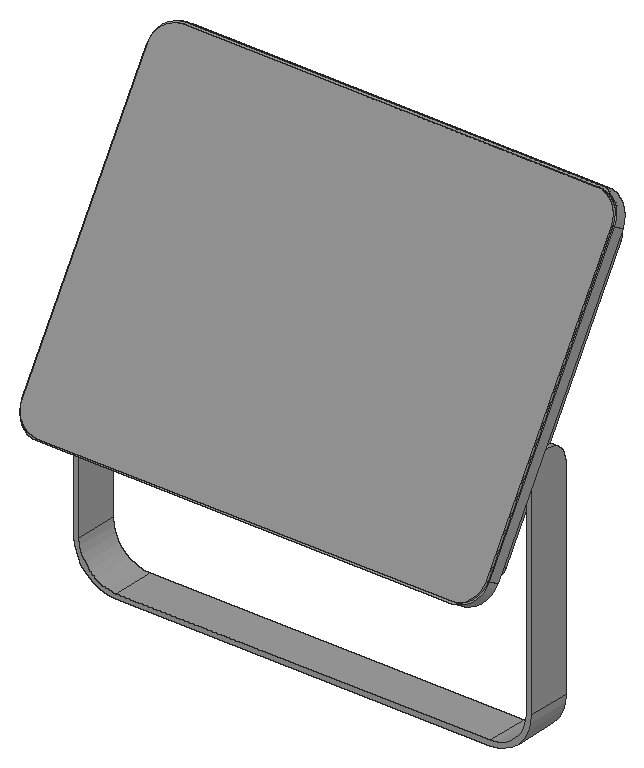
Revit family "0048242", category Lighting Fixtures, host Face, Revit 2016
Family settings
  Host = Face
  Part Type = Normal
  Round Connector Dimension = Use Diameter
  OmniClass Number = 23.80.70.00
  OmniClass Title = Lighting
  Cut with Voids When Loaded = No
  Light Source = No
  Shared = No
  Room Calculation Point = No
Parameters (values of type "0048242 START eco Flood Flat IP65 4500lm 840 White")
  WidthBracketIn_SYL = if([10W_SYL], 102.2 mm, if([30W_SYL], 143.3 mm, if([50W_SYL], 181 mm, 262.8 mm)))  # 181 mm
  Weight = "3.925 kg"
  Wattage Comments = ""
  WarrantyStartDate [instance] = "n/a"
  WarrantyGuarantorParts = "n/a"
  WarrantyDurationUnit = "n/a"
  WarrantyDurationParts = "n/a"
  WarrantyDescription = "n/a"
  Voltage = 0 V
  URL = "http://www.sylvania-lighting.com"
  TypeName = "START eco Flood Flat IP65 4500lm 840 White"
  TypeLight_SYL = START eco Flood Flat Lamp : 0048242 START eco Flood Flat IP65 4500lm 840 White
  Type Image = <None>
  Type Comments = "n/a"
  ThicknessBracket_SYL = if([10W_SYL], 1.5 mm, 2 mm)  # 2 mm
  SerialNumber [instance] = "n/a"
  RotationAngle_SYL [instance] = 32.00°
  RadiusBracket_SYL = if([10W_SYL], 7.7 mm, if([30W_SYL], 8 mm, if([50W_SYL], 17 mm, 14 mm)))  # 17 mm
  RadiusBracketIn_SYL = RadiusBracket_SYL - ThicknessBracket_SYL  # 15 mm
  OffsetAxis_SYL = DepthBracket_SYL / 2  # 8.5 mm
  PowerFactor = 0.9
  PowerConsumption = "50 W"
  NominalLength = 193 mm
  NominalHeight = 48 mm
  NominalDepth = 190 mm
  Name = "START eco Flood Flat IP65 4500lm 840 White"
  ModelReference = Name  # "START eco Flood Flat IP65 4500lm 840 White"
  ModelNumber = "0048242"
  Model = Name  # "START eco Flood Flat IP65 4500lm 840 White"
  Material = "adc12 housing"
  ManufacturerName = "Feilo Sylvania"
  Manufacturer = "Feilo Sylvania"
  LuminousEfficacy = "95 lm/W"
  LuminaireType = ""
  LightOutputRatio = "n/a"
  LampsType = Lamp  # "LED"
  LampNominalLuminous = "4750 lm"
  LampMacAdamStep = "n/a"
  LampColourTemperature = "4000 K"
  LampColourRenderingIndex = "80"
  Lamp = "LED"
  Keynote = "16500"
  InstallationDate [instance] = "n/a"
  InputVoltage = "n/a"
  InputNominalFrequency = "n/a"
  IngressProtection = "IP65"
  ImpactProtectionIndex = "IK07"
  IfcExportType = "IfcLightFixtureType"
  IfcExportAs = "IfcLightFixtureType"
  HeightBracket_SYL = if([10W_SYL], 55 mm, if([30W_SYL], 70 mm, if([50W_SYL], 110 mm, 141 mm)))  # 110 mm
  ExpectedLife = 30000
  EndAngle_SYL [instance] = RotationAngle_SYL + 180.00°  # 212.00°
  ElectricShockClassification = "Class I"
  DurationUnit = "hours"
  DocumentationLiterature = "http://www.sylvania-lighting.com/product/en-int/products/0048242"
  DimmingControlOptions = "n/a"
  Description = "The new Start eco Flood Flat comes with improved design. The streamlined, durable, lightweight die-cast aluminium body makes it a perfect choice for building facades, car parks, garages and construction areas. The product includes 1 m pre-wired stripped cable and fitting bracket for quick and easy installation and the universal mounting bracket allows wall or surface mounting with the possibility of vertical tilting. Black die-cast aluminum housing, white reflector, 4750 lm, 50 W, 95 lm/W, 4000K, drive current 193 mA, non dimmable, CRI>80, IP65, IK07, Class I, lumen maintenance L70:B50: 30000 hrs, 193 x 190 x 48 mm (L x W x H). Weight: 0.785kg. Energy class: A++ A+ A."
  DepthBracket_SYL = if([10W_SYL], 15 mm, if([30W_SYL], 15 mm, if([50W_SYL], 17 mm, 25 mm)))  # 17 mm
  Default Elevation = 1219.2 mm
  CreatedOn = "10/8/2018"
  CreatedBy = "@sylvania-lighting.com"
  Cost = 0
  built-in parameter 1114216 [instance] = (empty or 0)
  ClassificationValue = "EF_70_80"
  ClassificationName = "Uniclass2015"
  Material_1_SYL = Body-Sylvania-FloodFlat-Black
  BarCode [instance] = "n/a"
  AssetType = "Fixed"
  AssetIdentifier [instance] = "n/a"
  Assembly Code = "D5020200"
  Apparent Load = 50 VA
  50W_SYL = yes
  30W_SYL = no
  10W_SYL = no
Reference planes
  plane 1 "Center (Front/Back)": y = 0
  plane 2: z = 0
  plane 3 "Center (Left/Right)": x = 0
  plane 4: x = -92.5
  plane 5: x = 92.5
  plane 6: z = 110
  plane 7: z = 101.5
  plane 8: x = -90.5
  plane 9: x = 90.5
  plane 10: z = 2
  plane 11: y = 8.5
  plane 12: y = -8.5
  plane 13: x = -75.5
  plane 14: z = 17
  plane 15: x = 75.5
  plane 16: y = -10.5
  plane 17: z = 112
  plane 18: y = 10.5
Forms (mm)
  Extrusion 1, solid, material "Body-Sylvania-FloodFlat-Black" <- "Material_1_SYL"
    sketch origin (0, 0, 0) x (1, 0, 0) y (0, 0, 1)
      loop
        line (-90.5, 110) -> (-92.5, 110) -> (-92.5, 17)
        arc (-92.5, 17) -> (-87.521, 4.979) -> (-75.5, 0) r 17
        line (-75.5, 0) -> (75.5, 0)
        arc (75.5, 0) -> (87.521, 4.979) -> (92.5, 17) r 17
        line (92.5, 17) -> (92.5, 110) -> (90.5, 110) -> (90.5, 17)
        arc (90.5, 17) -> (86.107, 6.393) -> (75.5, 2) r 15
        line (75.5, 2) -> (-75.5, 2)
        arc (-75.5, 2) -> (-86.107, 6.393) -> (-90.5, 17) r 15
        line (-90.5, 17) -> (-90.5, 110)
    from -8.5 to 8.5
  Extrusion 2, void
    sketch origin (0, 0, 0) x (0, 1, 0) y (0, 0, 1)
      loop
        line (8.5, 101.5) -> (10.5, 101.5) -> (10.5, 112) -> (-10.5, 112) -> (-10.5, 101.5) -> (-8.5, 101.5)
        arc (-8.5, 101.5) -> (0, 110) -> (8.5, 101.5) r 8.5
    from -92.5 to 92.5
  Revolve 3, solid, not visible
    sketch origin (0, 0, 0) x (1, 0, 0) y (0, 0, 1)
      loop
        line (0, 101.5) -> (0, 110) -> (-12.336, 110) -> (-12.336, 101.5) -> (0, 101.5)
      axis (0, 101.5) -> (-12.336, 101.5)
    angle from 32 <- "RotationAngle_SYL" to 212 <- "EndAngle_SYL"
Cuts and joins
  Extrusion 2 cuts Extrusion 1
Dimensions and locks
  equal spacing: plane 9, plane 3 "Center (Left/Right)", plane 8
  "WidthBracketIn_SYL": plane 9 to plane 8
  "ThicknessBracket_SYL": plane 8 to plane 4
  "ThicknessBracket_SYL": plane 5 to plane 9
  "ThicknessBracket_SYL": plane 10 to plane 2
  equal spacing: plane 12, plane 1 "Center (Front/Back)", plane 11
  "DepthBracket_SYL": plane 12 to plane 11
  "OffsetAxis_SYL": plane 7 to plane 6
  "HeightBracket_SYL": plane 6 to plane 2
  "RadiusBracket_SYL": plane 14 to plane 2
  equal spacing: plane 15, plane 3 "Center (Left/Right)", plane 13
  "RadiusBracket_SYL": plane 13 to plane 4
  equal spacing: plane 16, plane 1 "Center (Front/Back)", plane 18
  locked: plane 16 to plane 12 at 2
  locked: plane 6 to plane 17 at 2
  "RadiusBracket_SYL": radius of Extrusion 1 sketch curve  (x2)
  "RadiusBracketIn_SYL": radius of Extrusion 1 sketch curve  (x2)
  aligned and locked: plane 2 to host face
  aligned and locked: level to host face
  aligned and locked: Extrusion 1 sketch curve to plane 6  (x2)
  aligned and locked: Extrusion 1 sketch curve to plane 4
  aligned and locked: plane 5 to Extrusion 1 sketch curve
  aligned and locked: Extrusion 1 sketch curve to plane 9
  aligned and locked: Extrusion 1 sketch curve to plane 2
  aligned and locked: plane 13 to Extrusion 1 sketch curve
  aligned and locked: plane 14 to Extrusion 1 sketch curve  (x2)
  aligned and locked: plane 15 to Extrusion 1 sketch curve
  aligned and locked: Extrusion 1 to plane 11
  aligned and locked: plane 12 to Extrusion 1
  aligned and locked: plane 11 to Extrusion 2 sketch curve
  aligned and locked: plane 1 "Center (Front/Back)" to Extrusion 2 sketch curve
  aligned and locked: plane 7 to Extrusion 2 sketch curve
  aligned and locked: plane 17 to Extrusion 2 sketch curve
  aligned and locked: plane 18 to Extrusion 2 sketch curve
  aligned and locked: Extrusion 2 sketch curve to plane 16
  aligned and locked: Extrusion 2 sketch curve to plane 7  (x2)
  aligned and locked: plane 5 to Extrusion 2
  aligned and locked: Extrusion 2 to plane 4
  aligned and locked: Revolve 3 sketch curve to plane 7  (x2)
  aligned and locked: Revolve 3 sketch curve to plane 3 "Center (Left/Right)"
  aligned and locked: plane 6 to Revolve 3 sketch curve
  aligned and locked: plane 3 "Center (Left/Right)" to nested 1
Automatic sketch dimensions
  host sketch curve to host sketch curve = 2438.4 mm  (x2)
  Revolve 3 sketch curve to plane 3 "Center (Left/Right)" = 12.336 mm
  Revolve 3 sketch curve to plane 4 = 1122.5 mm
  plane 5 to Revolve 3 sketch curve = 1130.9 mm
Nested families
  nested 1: "START eco Flood Flat Lamp" at (0, 11.155, 119.351) x (1, 0, 0) z (0, -0.848, 0.5299), type <- "TypeLight_SYL", type "0048242 START eco Flood Flat IP65 4500lm 840 White"
    with built-in parameter 1114216 (empty or 0), Width_SYL 189 mm, WidthLEDBoard_SYL 80 mm, WidthVignette_SYL 157 mm, WidthBoltHousing_SYL 16 mm, ThicknessScreen_SYL 5.4 mm, RotationAxisFromTop_SYL 91.3 mm, RadiusLEDBoard_SYL 1.9 mm, RadiusDiffuser_SYL 9.9 mm, RadiusCorners_SYL 10.7 mm, RadiusBoltHousing_SYL 5 mm, RadiusBack_SYL 8.033 mm, RadiusBackB_SYL 6.033 mm, OffsetYBack_SYL 7.625 mm, OffsetYBackB_SYL 1.906 mm, OffsetXBack_SYL 8 mm, OffsetXBackB_SYL 2 mm, OffsetBoltHousing_SYL 4 mm, InsertionPlaneFromTop_SYL 14.8 mm, Height_SYL 140.5 mm, HeightVignette_SYL 110 mm, HeightLEDBoard_SYL 56 mm, DepthLEDBoard_SYL 2.478 mm, DepthBack_SYL 16.9 mm, RadiusVignette_SYL 4.1 mm, DepthReflector_SYL 11.15 mm, Apparent Load 50 VA, 50W_SYL yes
Connectors
  electrical at (0, 0, 0), driven by "Apparent Load", driven by "PowerFactor", driven by "Voltage"
    settings: index 1, voltage 0 V, apparent load 50 VA, apparent load phase1 0 VA, apparent load phase2 0 VA, apparent load phase3 0 VA, power factor 0.9, load classification "Lighting", number of poles 1, system type 30, power factor state 1, is connector primary yes, connector utility no, sub classification motor no, connector description ""
Definition of nested family "START eco Flood Flat Lamp"
  Parameters (values of type "0047977 ST E FLD FLT IP65 9000LM 840")
    Width_SYL = if([10W_SYL], 110 mm, if([30W_SYL], 151 mm, if([50W_SYL], 189 mm, 275 mm)))  # 275 mm
    WidthLEDBoard_SYL = if([10W_SYL], 40 mm, if([30W_SYL], 83 mm, if([50W_SYL], 80 mm, 180 mm)))  # 180 mm
    WidthVignette_SYL = if([10W_SYL], 78.6 mm, if([30W_SYL], 120 mm, if([50W_SYL], 157 mm, 226 mm)))  # 226 mm
    WidthBoltHousing_SYL = 4 * OffsetBoltHousing_SYL  # 24.5 mm
    Wattage Comments = "n/a"
    Wattage = 100 W
    built-in parameter 1150110 = 1 (stored number, unit not read)
    URL = "http://www.sylvania-lighting.com"
    Type Image = (empty or 0)
    Type Comments = "n/a"
    built-in parameter 1114217 = 1 (stored number, unit not read)
    Tilt Angle = -90.00°
    ThicknessScreen_SYL = if([10W_SYL], 5 mm, if([30W_SYL], 5.2 mm, if([50W_SYL], 5.4 mm, 6.1 mm)))  # 6.1 mm
    ThicknessDiffuser_SYL = 0.8 mm  # constant formula
    built-in parameter 1150109 = 1 (stored number, unit not read)
    built-in parameter 1150134 = 12
    built-in parameter 1150113 = 1 (stored number, unit not read)
    RotationAxisFromTop_SYL = if([10W_SYL], 48.8 mm, if([30W_SYL], 61.7 mm, if([50W_SYL], 91.3 mm, 133.4 mm)))  # 133.4 mm
    RadiusLEDBoard_SYL = if([10W_SYL], 1.5 mm, if([30W_SYL], 2 mm, if([50W_SYL], 1.9 mm, 3.7 mm)))  # 3.7 mm
    RadiusDiffuser_SYL = RadiusCorners_SYL - ThicknessDiffuser_SYL  # 13.4 mm
    RadiusCorners_SYL = if([10W_SYL], 10.5 mm, if([30W_SYL], 10.7 mm, if([50W_SYL], 10.7 mm, 14.2 mm)))  # 14.2 mm
    RadiusBoltHousing_SYL = if([10W_SYL], 4.1 mm, if([30W_SYL], 4.9 mm, if([50W_SYL], 5 mm, 8.1 mm)))  # 8.1 mm
    RadiusBack_SYL = RadiusCorners_SYL - OffsetXBack_SYL / 3  # 10.117 mm
    RadiusBackB_SYL = RadiusBack_SYL - OffsetXBackB_SYL  # 7.054 mm
    Photometric Web File = "0047977.ies"
    PIR_SYL = no
    PIRHolderRadius_SYL = PIRBaseFillet_SYL + 2 mm  # 11 mm
    PIRFillet_SYL = 3 mm  # constant formula
    PIRBaseWidth_SYL = 38 mm
    PIRBaseFillet_SYL = PIRBaseDepth_SYL / 2  # 9 mm
    PIRBaseDepth_SYL = 18 mm
    OffsetYBack_SYL = (Height_SYL - HeightVignette_SYL) / 4  # 11 mm
    OffsetYBackB_SYL = OffsetYBack_SYL / 4  # 2.75 mm
    OffsetXBack_SYL = (Width_SYL - WidthVignette_SYL) / 4  # 12.25 mm
    OffsetXBackB_SYL = OffsetXBack_SYL / 4  # 3.063 mm
    OffsetBoltHousing_SYL = OffsetXBack_SYL / 2  # 6.125 mm
    Material_7_SYL = none
    Material_6_SYL = none
    Material_5_SYL = none
    Material_3_SYL = none
    Model = "START eco Flood Flat IP65 9000lm 840"
    Manufacturer = "Feilo Sylvania"
    built-in parameter 1150105 = 3437 (stored number, unit not read)
    Lumens = 9500 lm
    built-in parameter 1150115 = 1 (stored number, unit not read)
    built-in parameter 1150137 = (empty or 0)
    built-in parameter 1150139 = (empty or 0)
    built-in parameter 1150112 = 1 (stored number, unit not read)
    built-in parameter 1150114 = 1 (stored number, unit not read)
    Lamp = "LED"
    Keynote = "16500"
    Material_2_SYL = none
    InsertionPlaneFromTop_SYL = if([10W_SYL], 15.1 mm, if([30W_SYL], 14.5 mm, if([50W_SYL], 14.8 mm, 19.3 mm)))  # 19.3 mm
    built-in parameter 1150132 = (empty or 0)
    built-in parameter 1150102 = (empty or 0)
    built-in parameter 1150107 = 4000 (stored number, unit not read)
    built-in parameter 1150138 = (empty or 0)
    built-in parameter 1150106 = 34.37 (stored number, unit not read)
    Height_SYL = if([10W_SYL], 81.6 mm, if([30W_SYL], 112 mm, if([50W_SYL], 140.5 mm, 211 mm)))  # 211 mm
    HeightVignette_SYL = if([10W_SYL], 50 mm, if([30W_SYL], 81 mm, if([50W_SYL], 110 mm, 167 mm)))  # 167 mm
    HeightLEDBoard_SYL = if([10W_SYL], 25 mm, if([30W_SYL], 39 mm, if([50W_SYL], 56 mm, 132 mm)))  # 132 mm
    Emit from Rectangle Width = HeightVignette_SYL - 2 * RadiusVignette_SYL  # 146.2 mm
    Emit from Rectangle Length = WidthVignette_SYL - 2 * RadiusVignette_SYL  # 205.2 mm
    Emit Shape Visible in Rendering = no
    built-in parameter 1150104 = 8.8258 (stored number, unit not read)
    Dimming Lamp Color Temperature Shift = (empty or 0)
    DepthLEDBoard_SYL = (ThicknessScreen_SYL + DepthBack_SYL) / 9  # 2.289 mm
    DepthBack_SYL = if([10W_SYL], 10.2 mm, if([30W_SYL], 14.7 mm, if([50W_SYL], 16.9 mm, 14.5 mm)))  # 14.5 mm
    RadiusVignette_SYL = if([10W_SYL], 4.1 mm, if([30W_SYL], 4.1 mm, if([50W_SYL], 4.1 mm, 10.4 mm)))  # 10.4 mm
    Description = "The new Start eco Flood Flat comes with improved design. The streamlined, durable, lightweight die-cast aluminium body makes it a perfect choice for building facades, car parks, garages and construction areas. The product includes 1 m pre-wired stripped cable and fitting bracket for quick and easy installation and the universal mounting bracket allows wall or surface mounting with the possibility of vertical tilting. Black die-cast aluminum housing, white reflector, 9500 lm, 100 W, 95 lm/W, 4000K, drive current 386 mA, non dimmable, CRI>80, IP65, IK07, Class I, lumen maintenance L70:B50: 30000 hrs, 283 x 263 x 44 mm (L x W x H). Weight: 1.775kg. Energy class: A++ A+ A."
    DepthReflector_SYL = (ThicknessScreen_SYL + DepthBack_SYL) / 2  # 10.3 mm
    Default Elevation = 1219.2 mm
    Cost = 0
    Color Filter = 16777215
    built-in parameter 1114216 [instance] = (empty or 0)
    Material_1_SYL = none
    built-in parameter 1114218 = 1 (stored number, unit not read)
    built-in parameter 1150133 = 10 (stored number, unit not read)
    Assembly Code = "D5020200"
    Apparent Load = 100 VA
    Material_4_SYL = none
    50W_SYL = no
    30W_SYL = no
    10W_SYL = no
  Types (16, lengths in mm): name | Width_SYL | WidthLEDBoard_SYL | WidthVignette_SYL | WidthBoltHousing_SYL | Wattage | ThicknessScreen_SYL | built-in parameter 1150134 | RotationAxisFromTop_SYL | RadiusLEDBoard_SYL | RadiusDiffuser_SYL | RadiusCorners_SYL | RadiusBoltHousing_SYL | RadiusBack_SYL | RadiusBackB_SYL | Photometric Web File | PIR_SYL | OffsetYBack_SYL | OffsetYBackB_SYL | OffsetXBack_SYL | OffsetXBackB_SYL | OffsetBoltHousing_SYL | Model | built-in parameter 1150105 | Lumens | InsertionPlaneFromTop_SYL | built-in parameter 1150107 | built-in parameter 1150106 | Height_SYL | HeightVignette_SYL | HeightLEDBoard_SYL | Emit from Rectangle Width | Emit from Rectangle Length | built-in parameter 1150104 | DepthLEDBoard_SYL | DepthBack_SYL | RadiusVignette_SYL | Description | DepthReflector_SYL | Apparent Load | 50W_SYL | 30W_SYL | 10W_SYL
    0047977 ST E FLD FLT IP65 9000LM 840 | 275 | 180 | 226 | 24.5 | 100 W | 6.1 | 12 | 133.4 | 3.7 | 13.4 | 14.2 | 8.1 | 10.117 | 7.054 | "0047977.ies" | no | 11 | 2.75 | 12.25 | 3.063 | 6.125 | "START eco Flood Flat IP65 9000lm 840" | 3437 (stored number, unit not read) | 9500 lm | 19.3 | 4000 (stored number, unit not read) | 34.37 (stored number, unit not read) | 211 | 167 | 132 | 146.2 | 205.2 | 8.8258 (stored number, unit not read) | 2.289 | 14.5 | 10.4 | "The new Start eco Flood Flat comes with improved design. The streamlined, durable, lightweight die-cast aluminium body makes it a perfect choice for building facades, car parks, garages and construction areas. The product includes 1 m pre-wired stripped cable and fitting bracket for quick and easy installation and the universal mounting bracket allows wall or surface mounting with the possibility of vertical tilting. Black die-cast aluminum housing, white reflector, 9500 lm, 100 W, 95 lm/W, 4000K, drive current 386 mA, non dimmable, CRI>80, IP65, IK07, Class I, lumen maintenance L70:B50: 30000 hrs, 283 x 263 x 44 mm (L x W x H). Weight: 1.775kg. Energy class: A++ A+ A." | 10.3 | 100 VA | no | no | no
    0047976 ST E FLD FLT IP65 9000LM 830 | 275 | 180 | 226 | 24.5 | 100 W | 6.1 | (empty or 0) | 133.4 | 3.7 | 13.4 | 14.2 | 8.1 | 10.117 | 7.054 | "0047976.ies" | no | 11 | 2.75 | 12.25 | 3.063 | 6.125 | "START eco Flood Flat IP65 9000lm 830" | 3256.1 (stored number, unit not read) | 9000 lm | 19.3 | 3000 (stored number, unit not read) | 32.561 (stored number, unit not read) | 211 | 167 | 132 | 146.2 | 205.2 | 8.3613 (stored number, unit not read) | 2.289 | 14.5 | 10.4 | "The new Start eco Flood Flat comes with improved design. The streamlined, durable, lightweight die-cast aluminium body makes it a perfect choice for building facades, car parks, garages and construction areas. The product includes 1 m pre-wired stripped cable and fitting bracket for quick and easy installation and the universal mounting bracket allows wall or surface mounting with the possibility of vertical tilting. Black die-cast aluminum housing, white reflector, 9000 lm, 100 W, 90 lm/W, 3000K, drive current 386 mA, non dimmable, CRI>80, IP65, IK07, Class I, lumen maintenance L70:B50: 30000 hrs, 283 x 263 x 44 mm (L x W x H). Weight: 1.775kg. Energy class: A++ A+ A." | 10.3 | 100 VA | no | no | no
    0047973 ST E FLD FLT IP65 6500LM 840 | 275 | 180 | 226 | 24.5 | 70 W | 6.1 | 12 | 133.4 | 3.7 | 13.4 | 14.2 | 8.1 | 10.117 | 7.054 | "0047973.ies" | no | 11 | 2.75 | 12.25 | 3.063 | 6.125 | "START eco Flood Flat IP65 6500lm 840" | 2460.1 (stored number, unit not read) | 6650 lm | 19.3 | 4000 (stored number, unit not read) | 24.601 (stored number, unit not read) | 211 | 167 | 132 | 146.2 | 205.2 | 8.8258 (stored number, unit not read) | 2.289 | 14.5 | 10.4 | "The new Start eco Flood Flat comes with improved design. The streamlined, durable, lightweight die-cast aluminium body makes it a perfect choice for building facades, car parks, garages and construction areas. The product includes 1 m pre-wired stripped cable and fitting bracket for quick and easy installation and the universal mounting bracket allows wall or surface mounting with the possibility of vertical tilting. Black die-cast aluminum housing, white reflector, 6650 lm, 70 W, 95 lm/W, 4000K, drive current 270 mA, non dimmable, CRI>80, IP65, IK07, Class I, lumen maintenance L70:B50: 30000 hrs, 283 x 263 x 44 mm (L x W x H). Weight: 1.775kg. Energy class: A++ A+ A." | 10.3 | 70 VA | no | no | no
    0047972 ST E FLD FLT IP65 6500LM 830 | 275 | 180 | 226 | 24.5 | 70 W | 6.1 | (empty or 0) | 133.4 | 3.7 | 13.4 | 14.2 | 8.1 | 10.117 | 7.054 | "0047972.ies" | no | 11 | 2.75 | 12.25 | 3.063 | 6.125 | "START eco Flood Flat IP65 6500lm 830" | 2330.6 (stored number, unit not read) | 6300 lm | 19.3 | 3000 (stored number, unit not read) | 23.306 (stored number, unit not read) | 211 | 167 | 132 | 146.2 | 205.2 | 8.3613 (stored number, unit not read) | 2.289 | 14.5 | 10.4 | "The new Start eco Flood Flat comes with improved design. The streamlined, durable, lightweight die-cast aluminium body makes it a perfect choice for building facades, car parks, garages and construction areas. The product includes 1 m pre-wired stripped cable and fitting bracket for quick and easy installation and the universal mounting bracket allows wall or surface mounting with the possibility of vertical tilting. Black die-cast aluminum housing, white reflector, 6300 lm, 70 W, 90 lm/W, 3000K, drive current 270 mA, non dimmable, CRI>80, IP65, IK07, Class I, lumen maintenance L70:B50: 30000 hrs, 283 x 263 x 44 mm (L x W x H). Weight: 1.775kg. Energy class: A++ A+ A." | 10.3 | 70 VA | no | no | no
    0047971 ST E FLD FLT IP54 PIR 4500LM 840 | 189 | 80 | 157 | 16 | 51 W | 5.4 | 12 | 91.3 | 1.9 | 9.9 | 10.7 | 5 | 8.033 | 6.033 | "0047971.ies" | yes | 7.625 | 1.906 | 8 | 2 | 4 | "START eco Flood Flat IP54 PIR 4500lm 840" | 1695.8 (stored number, unit not read) | 4743 lm | 14.8 | 4000 (stored number, unit not read) | 16.958 (stored number, unit not read) | 140.5 | 110 | 56 | 101.8 | 148.8 | 8.64 (stored number, unit not read) | 2.478 | 16.9 | 4.1 | "The new Start eco Flood Flat comes with improved design. The streamlined, durable, lightweight die-cast aluminium body makes it a perfect choice for building facades, car parks, garages and construction areas. The product includes 1 m pre-wired stripped cable and fitting bracket for quick and easy installation and the universal mounting bracket allows wall or surface mounting with the possibility of vertical tilting. Black die-cast aluminum housing, white reflector, 4750 lm, 51 W, 93 lm/W, 4000K, drive current 193 mA, non dimmable, CRI>80, IP54, IK07 - fixture, IK05 - sensor, Class I, lumen maintenance L70:B50: 30000 hrs, 193 x 216 x 70 mm (L x W x H). Weight: 0.85kg.  PIR sensor included. Energy class: A++ A+ A." | 11.15 | 51 VA | yes | no | no
    0047970 ST E FLD FLT IP54 PIR 4500LM 830 | 189 | 80 | 157 | 16 | 51 W | 5.4 | (empty or 0) | 91.3 | 1.9 | 9.9 | 10.7 | 5 | 8.033 | 6.033 | "0047970.ies" | yes | 7.625 | 1.906 | 8 | 2 | 4 | "START eco Flood Flat IP54 PIR 4500lm 830" | 1604.6 (stored number, unit not read) | 4488 lm | 14.8 | 3000 (stored number, unit not read) | 16.046 (stored number, unit not read) | 140.5 | 110 | 56 | 101.8 | 148.8 | 8.1755 (stored number, unit not read) | 2.478 | 16.9 | 4.1 | "The new Start eco Flood Flat comes with improved design. The streamlined, durable, lightweight die-cast aluminium body makes it a perfect choice for building facades, car parks, garages and construction areas. The product includes 1 m pre-wired stripped cable and fitting bracket for quick and easy installation and the universal mounting bracket allows wall or surface mounting with the possibility of vertical tilting. Black die-cast aluminum housing, white reflector, 4500 lm, 51 W, 88 lm/W, 3000K, drive current 193 mA, non dimmable, CRI>80, IP54, IK07 - fixture, IK05 - sensor, Class I, lumen maintenance L70:B50: 30000 hrs, 193 x 216 x 70 mm (L x W x H). Weight: 0.85kg.  PIR sensor included. Energy class: A++ A+ A." | 11.15 | 51 VA | yes | no | no
    0047969 ST E FLD FLT IP65 4500LM 840 | 189 | 80 | 157 | 16 | 50 W | 5.4 | 12 | 91.3 | 1.9 | 9.9 | 10.7 | 5 | 8.033 | 6.033 | "0047969.ies" | no | 7.625 | 1.906 | 8 | 2 | 4 | "START eco Flood Flat IP65 4500lm 840" | 1698.3 (stored number, unit not read) | 4750 lm | 14.8 | 4000 (stored number, unit not read) | 16.983 (stored number, unit not read) | 140.5 | 110 | 56 | 101.8 | 148.8 | 8.8258 (stored number, unit not read) | 2.478 | 16.9 | 4.1 | "The new Start eco Flood Flat comes with improved design. The streamlined, durable, lightweight die-cast aluminium body makes it a perfect choice for building facades, car parks, garages and construction areas. The product includes 1 m pre-wired stripped cable and fitting bracket for quick and easy installation and the universal mounting bracket allows wall or surface mounting with the possibility of vertical tilting. Black die-cast aluminum housing, white reflector, 4750 lm, 50 W, 95 lm/W, 4000K, drive current 193 mA, non dimmable, CRI>80, IP65, IK07, Class I, lumen maintenance L70:B50: 30000 hrs, 193 x 190 x 48 mm (L x W x H). Weight: 0.785kg. Energy class: A++ A+ A." | 11.15 | 50 VA | yes | no | no
    0047968 ST E FLD FLT IP65 4500LM 830 | 189 | 80 | 157 | 16 | 50 W | 5.4 | (empty or 0) | 91.3 | 1.9 | 9.9 | 10.7 | 5 | 8.033 | 6.033 | "0047968.ies" | no | 7.625 | 1.906 | 8 | 2 | 4 | "START eco Flood Flat IP65 4500lm 830" | 1608.9 (stored number, unit not read) | 4500 lm | 14.8 | 3000 (stored number, unit not read) | 16.089 (stored number, unit not read) | 140.5 | 110 | 56 | 101.8 | 148.8 | 8.3613 (stored number, unit not read) | 2.478 | 16.9 | 4.1 | "The new Start eco Flood Flat comes with improved design. The streamlined, durable, lightweight die-cast aluminium body makes it a perfect choice for building facades, car parks, garages and construction areas. The product includes 1 m pre-wired stripped cable and fitting bracket for quick and easy installation and the universal mounting bracket allows wall or surface mounting with the possibility of vertical tilting. Black die-cast aluminum housing, white reflector, 4500 lm, 50 W, 90 lm/W, 3000K, drive current 193 mA, non dimmable, CRI>80, IP65, IK07, Class I, lumen maintenance L70:B50: 30000 hrs, 193 x 190 x 48 mm (L x W x H). Weight: 0.785kg. Energy class: A++ A+ A." | 11.15 | 50 VA | yes | no | no
    0047967 ST E FLD FLT IP54 PIR 2800LM 840 | 151 | 83 | 120 | 15.5 | 31 W | 5.2 | 12 | 61.7 | 2 | 9.9 | 10.7 | 4.9 | 8.117 | 6.179 | "0047967.ies" | yes | 7.75 | 1.938 | 7.75 | 1.938 | 3.875 | "START eco Flood Flat IP54 PIR 2800lm 840" | 1045.5 (stored number, unit not read) | 2852 lm | 14.5 | 4000 (stored number, unit not read) | 10.455 (stored number, unit not read) | 112 | 81 | 39 | 72.8 | 111.8 | 8.5471 (stored number, unit not read) | 2.211 | 14.7 | 4.1 | "The new Start eco Flood Flat comes with improved design. The streamlined, durable, lightweight die-cast aluminium body makes it a perfect choice for building facades, car parks, garages and construction areas. The product includes 1 m pre-wired stripped cable and fitting bracket for quick and easy installation and the universal mounting bracket allows wall or surface mounting with the possibility of vertical tilting. Black die-cast aluminum housing, white reflector, 2850 lm, 31 W, 92 lm/W, 4000K, drive current 116 mA, non dimmable, CRI>80, IP54, IK06 - fixture, IK05 - sensor, Class I, lumen maintenance L70:B50: 30000 hrs, 156 x 178 x 67 mm (L x W x H). Weight: 0.61kg.  PIR sensor included. Energy class: A++ A+ A." | 9.95 | 31 VA | no | yes | no
    0047966 ST E FLD FLT IP54 PIR 2800LM 830 | 151 | 83 | 120 | 15.5 | 31 W | 5.2 | (empty or 0) | 61.7 | 2 | 9.9 | 10.7 | 4.9 | 8.117 | 6.179 | "0047966.ies" | yes | 7.75 | 1.938 | 7.75 | 1.938 | 3.875 | "START eco Flood Flat IP54 PIR 2800lm 830" | 988.72 (stored number, unit not read) | 2697 lm | 14.5 | 3000 (stored number, unit not read) | 9.8872 (stored number, unit not read) | 112 | 81 | 39 | 72.8 | 111.8 | 8.0826 (stored number, unit not read) | 2.211 | 14.7 | 4.1 | "The new Start eco Flood Flat comes with improved design. The streamlined, durable, lightweight die-cast aluminium body makes it a perfect choice for building facades, car parks, garages and construction areas. The product includes 1 m pre-wired stripped cable and fitting bracket for quick and easy installation and the universal mounting bracket allows wall or surface mounting with the possibility of vertical tilting. Black die-cast aluminum housing, white reflector, 2700 lm, 31 W, 87 lm/W, 3000K, drive current 116 mA, non dimmable, CRI>80, IP54, IK06 - fixture, IK05 - sensor, Class I, lumen maintenance L70:B50: 30000 hrs, 156 x 178 x 67 mm (L x W x H). Weight: 0.61kg.  PIR sensor included. Energy class: A++ A+ A." | 9.95 | 31 VA | no | yes | no
    0047965 ST E FLD FLT IP65 2800LM 840 | 151 | 83 | 120 | 15.5 | 30 W | 5.2 | 12 | 61.7 | 2 | 9.9 | 10.7 | 4.9 | 8.117 | 6.179 | "0047965.ies" | no | 7.75 | 1.938 | 7.75 | 1.938 | 3.875 | "START eco Flood Flat IP65 2800lm 840" | 1044.8 (stored number, unit not read) | 2850 lm | 14.5 | 4000 (stored number, unit not read) | 10.448 (stored number, unit not read) | 112 | 81 | 39 | 72.8 | 111.8 | 8.8258 (stored number, unit not read) | 2.211 | 14.7 | 4.1 | "The new Start eco Flood Flat comes with improved design. The streamlined, durable, lightweight die-cast aluminium body makes it a perfect choice for building facades, car parks, garages and construction areas. The product includes 1 m pre-wired stripped cable and fitting bracket for quick and easy installation and the universal mounting bracket allows wall or surface mounting with the possibility of vertical tilting. Black die-cast aluminum housing, white reflector, 2850 lm, 30 W, 95 lm/W, 4000K, drive current 116 mA, non dimmable, CRI>80, IP65, IK06, Class I, lumen maintenance L70:B50: 30000 hrs, 156 x 126 x 38 mm (L x W x H). Weight: 0.545kg. Energy class: A++ A+ A." | 9.95 | 30 VA | no | yes | no
    0047964 ST E FLD FLT IP65 2800LM 830 | 151 | 83 | 120 | 15.5 | 30 W | 5.2 | (empty or 0) | 61.7 | 2 | 9.9 | 10.7 | 4.9 | 8.117 | 6.179 | "0047964.ies" | no | 7.75 | 1.938 | 7.75 | 1.938 | 3.875 | "START eco Flood Flat IP65 2800lm 830" | 989.82 (stored number, unit not read) | 2700 lm | 14.5 | 3000 (stored number, unit not read) | 9.8982 (stored number, unit not read) | 112 | 81 | 39 | 72.8 | 111.8 | 8.3613 (stored number, unit not read) | 2.211 | 14.7 | 4.1 | "The new Start eco Flood Flat comes with improved design. The streamlined, durable, lightweight die-cast aluminium body makes it a perfect choice for building facades, car parks, garages and construction areas. The product includes 1 m pre-wired stripped cable and fitting bracket for quick and easy installation and the universal mounting bracket allows wall or surface mounting with the possibility of vertical tilting. Black die-cast aluminum housing, white reflector, 2700 lm, 30 W, 90 lm/W, 3000K, drive current 116 mA, non dimmable, CRI>80, IP65, IK06, Class I, lumen maintenance L70:B50: 30000 hrs, 156 x 126 x 38 mm (L x W x H). Weight: 0.545kg. Energy class: A++ A+ A." | 9.95 | 30 VA | no | yes | no
    0047963 ST E FLD FLT IP54 PIR 900LM 840 | 110 | 40 | 78.6 | 15.7 | 11 W | 5 | 12 | 48.8 | 1.5 | 9.7 | 10.5 | 4.1 | 7.883 | 5.921 | "0047963.ies" | yes | 7.9 | 1.975 | 7.85 | 1.963 | 3.925 | "START eco Flood Flat IP54 PIR 900lm 840" | 365.78 (stored number, unit not read) | 946 lm | 15.1 | 4000 (stored number, unit not read) | 3.6578 (stored number, unit not read) | 81.6 | 50 | 25 | 41.8 | 70.4 | 7.9897 (stored number, unit not read) | 1.689 | 10.2 | 4.1 | "The new Start eco Flood Flat comes with improved design. The streamlined, durable, lightweight die-cast aluminium body makes it a perfect choice for building facades, car parks, garages and construction areas. The product includes 1 m pre-wired stripped cable and fitting bracket for quick and easy installation and the universal mounting bracket allows wall or surface mounting with the possibility of vertical tilting. Black die-cast aluminum housing, white reflector, 950 lm, 11 W, 86 lm/W, 4000K, drive current 38.6 mA, non dimmable, CRI>80, IP54, IK06 - fixture, IK05 - sensor, Class I, lumen maintenance L70:B50: 30000 hrs, 156 x 178 x 67 mm (L x W x H). Weight: 0.61kg.  PIR sensor included. Energy class: A++ A+ A." | 7.6 | 11 VA | no | no | yes
    0047962 ST E FLD FLT IP54 PIR 900LM 830 | 110 | 40 | 78.6 | 15.7 | 11 W | 5 | (empty or 0) | 48.8 | 1.5 | 9.7 | 10.5 | 4.1 | 7.883 | 5.921 | "0047962.ies" | yes | 7.9 | 1.975 | 7.85 | 1.963 | 3.925 | "START eco Flood Flat IP54 PIR 900lm 830" | 345.53 (stored number, unit not read) | 902 lm | 15.1 | 3000 (stored number, unit not read) | 3.4553 (stored number, unit not read) | 81.6 | 50 | 25 | 41.8 | 70.4 | 7.618 (stored number, unit not read) | 1.689 | 10.2 | 4.1 | "The new Start eco Flood Flat comes with improved design. The streamlined, durable, lightweight die-cast aluminium body makes it a perfect choice for building facades, car parks, garages and construction areas. The product includes 1 m pre-wired stripped cable and fitting bracket for quick and easy installation and the universal mounting bracket allows wall or surface mounting with the possibility of vertical tilting. Black die-cast aluminum housing, white reflector, 900 lm, 11 W, 82 lm/W, 3000K, drive current 38.6 mA, non dimmable, CRI>80, IP54, IK06 - fixture, IK05 - sensor, Class I, lumen maintenance L70:B50: 30000 hrs, 156 x 178 x 67 mm (L x W x H). Weight: 0.61kg.  PIR sensor included. Energy class: A++ A+ A." | 7.6 | 11 VA | no | no | yes
    0047961 ST E FLD FLT IP65 900LM 840 | 110 | 40 | 78.6 | 15.7 | 10 W | 5 | 12 | 48.8 | 1.5 | 9.7 | 10.5 | 4.1 | 7.883 | 5.921 | "0047961.ies" | no | 7.9 | 1.975 | 7.85 | 1.963 | 3.925 | "START eco Flood Flat IP65 900lm 840" | 367.33 (stored number, unit not read) | 950 lm | 15.1 | 4000 (stored number, unit not read) | 3.6733 (stored number, unit not read) | 81.6 | 50 | 25 | 41.8 | 70.4 | 8.8258 (stored number, unit not read) | 1.689 | 10.2 | 4.1 | "The new Start eco Flood Flat comes with improved design. The streamlined, durable, lightweight die-cast aluminium body makes it a perfect choice for building facades, car parks, garages and construction areas. The product includes 1 m pre-wired stripped cable and fitting bracket for quick and easy installation and the universal mounting bracket allows wall or surface mounting with the possibility of vertical tilting. Black die-cast aluminum housing, white reflector, 950 lm, 10 W, 95 lm/W, 4000K, drive current 38.6 mA, non dimmable, CRI>80, IP65, IK06, Class I, lumen maintenance L70:B50: 30000 hrs, 114 x 96 x 38 mm (L x W x H). Weight: 0.33kg. Energy class: A++ A+ A." | 7.6 | 10 VA | no | no | yes
    0047960 ST E FLD FLT IP65 900LM 830 | 110 | 40 | 78.6 | 15.7 | 10 W | 5 | (empty or 0) | 48.8 | 1.5 | 9.7 | 10.5 | 4.1 | 7.883 | 5.921 | "0047960.ies" | no | 7.9 | 1.975 | 7.85 | 1.963 | 3.925 | "START eco Flood Flat IP65 900lm 830" | 344.76 (stored number, unit not read) | 900 lm | 15.1 | 3000 (stored number, unit not read) | 3.4476 (stored number, unit not read) | 81.6 | 50 | 25 | 41.8 | 70.4 | 8.3613 (stored number, unit not read) | 1.689 | 10.2 | 4.1 | "The new Start eco Flood Flat comes with improved design. The streamlined, durable, lightweight die-cast aluminium body makes it a perfect choice for building facades, car parks, garages and construction areas. The product includes 1 m pre-wired stripped cable and fitting bracket for quick and easy installation and the universal mounting bracket allows wall or surface mounting with the possibility of vertical tilting. Black die-cast aluminum housing, white reflector, 900 lm, 10 W, 90 lm/W, 3000K, drive current 38.6 mA, non dimmable, CRI>80, IP65, IK06, Class I, lumen maintenance L70:B50: 30000 hrs, 114 x 96 x 38 mm (L x W x H). Weight: 0.33kg. Energy class: A++ A+ A." | 7.6 | 10 VA | no | no | yes
  Reference planes
    plane 1 "Center (Front/Back)": y = 0
    plane 2: z = 0
    plane 3 "Center (Left/Right)": x = 0
    plane 4: y = 105.5
    plane 5: y = -105.5
    plane 6: x = 137.5
    plane 7: x = -137.5
    plane 8: y = 83.5
    plane 9: y = -83.5
    plane 10: x = -113
    plane 11: x = 113
    plane 12: x = -123.3
    plane 13: y = 91.3
    plane 14: y = -91.3
    plane 15: x = 123.3
    plane 16: x = -102.6
    plane 17: y = 73.1
    plane 18: x = 102.6
    plane 19: y = -73.1
    plane 20: z = 19.3
    plane 21: z = 13.2
    plane 22: z = 9
    plane 23: z = -1.3
    plane 24: x = -125.25
    plane 25: y = 94.5
    plane 26: y = -94.5
    plane 27: x = 125.25
    plane 28: x = -122.187
    plane 29: x = 122.188
    plane 30: y = 91.75
    plane 31: y = -91.75
    plane 32: z = 18.5
    plane 33: x = -90
    plane 34: x = 90
    plane 35: y = 66
    plane 36: y = -66
    plane 37: z = 6.711
    plane 38: x = -136.7
    plane 39: y = 104.7
    plane 40: y = -104.7
    plane 41: x = 136.7
    plane 42: x = -131.375
    plane 43: x = 131.375
    plane 44: x = -106.875
    plane 45: x = 106.875
    plane 46 "RotationAxis": y = -27.9
    plane 47: y = -19.8
    plane 48: x = -19
    plane 49: x = 19
    plane 50: z = -10.3
    plane 51: z = 7.7
    plane 52: x = 10
    plane 53: x = -10
    plane 54: y = -155.5
    plane 55: y = -137.5
    plane 56: y = -146.5
    plane 57: x = -9
    plane 58: x = 9
    plane 59: y = -119.7
    plane 60: y = -173.3
    plane 61: x = -35.3
    plane 62: x = 35.3
    plane 63: z = 39.2
    plane 64: z = 33.7
  Forms (mm)
    Extrusion 1, solid
      sketch origin (4.2, 0, 0) x (1, 0, 0) y (0, 1, 0)
        loop
          line (-1219.2, 1219.2) -> (-1219.2, -1219.2) -> (1219.2, -1219.2) -> (1219.2, 1219.2) -> (-1219.2, 1219.2)
      from 0 to -68.017
    Extrusion 2, solid, material <- "Material_1_SYL"
      sketch origin (1223.4, -4572, 19.3) x (0, -1, 0) y (-1, 0, 0)
        loop
          line (-4677.5, 1346.7) -> (-4677.5, 1100.1)
          arc (-4677.5, 1100.1) -> (-4673.341, 1090.059) -> (-4663.3, 1085.9) r 14.2
          line (-4663.3, 1085.9) -> (-4480.7, 1085.9)
          arc (-4480.7, 1085.9) -> (-4470.659, 1090.059) -> (-4466.5, 1100.1) r 14.2
          line (-4466.5, 1100.1) -> (-4466.5, 1346.7)
          arc (-4466.5, 1346.7) -> (-4470.659, 1356.741) -> (-4480.7, 1360.9) r 14.2
          line (-4480.7, 1360.9) -> (-4663.3, 1360.9)
          arc (-4663.3, 1360.9) -> (-4673.341, 1356.741) -> (-4677.5, 1346.7) r 14.2
      from 6.1 to 0.8
    Blend 3, solid, material <- "Material_1_SYL"
      base sketch origin (1223.4, -4572, 13.2) x (0, -1, 0) y (1, 0, 0)
        loop
          arc (-4666.5, -1338.533) -> (-4663.537, -1345.687) -> (-4656.383, -1348.65) r 10.117
          line (-4656.383, -1348.65) -> (-4487.617, -1348.65)
          arc (-4487.617, -1348.65) -> (-4480.463, -1345.687) -> (-4477.5, -1338.533) r 10.117
          line (-4477.5, -1338.533) -> (-4477.5, -1108.267)
          arc (-4477.5, -1108.267) -> (-4480.463, -1101.113) -> (-4487.617, -1098.15) r 10.117
          line (-4487.617, -1098.15) -> (-4656.383, -1098.15)
          arc (-4656.383, -1098.15) -> (-4663.537, -1101.113) -> (-4666.5, -1108.267) r 10.117
          line (-4666.5, -1108.267) -> (-4666.5, -1338.533)
      top sketch origin (1223.4, -4572, 13.2) x (0, -1, 0) y (1, 0, 0)
        loop
          arc (-4663.75, -1338.533) -> (-4661.684, -1343.521) -> (-4656.696, -1345.588) r 7.054
          line (-4656.696, -1345.588) -> (-4487.304, -1345.588)
          arc (-4487.304, -1345.588) -> (-4482.316, -1343.521) -> (-4480.25, -1338.533) r 7.054
          line (-4480.25, -1338.533) -> (-4480.25, -1108.267)
          arc (-4480.25, -1108.267) -> (-4482.316, -1103.279) -> (-4487.304, -1101.213) r 7.054
          line (-4487.304, -1101.213) -> (-4656.696, -1101.213)
          arc (-4656.696, -1101.213) -> (-4661.684, -1103.279) -> (-4663.75, -1108.267) r 7.054
          line (-4663.75, -1108.267) -> (-4663.75, -1338.533)
      from 0 to -14.5
    Blend 4, void
      base sketch origin (1223.4, -4572, 18.5) x (-1, 0, 0) y (0, -1, 0)
        loop
          arc (1326, -4655.5) -> (1333.354, -4652.454) -> (1336.4, -4645.1) r 10.4
          line (1336.4, -4645.1) -> (1336.4, -4498.9)
          arc (1336.4, -4498.9) -> (1333.354, -4491.546) -> (1326, -4488.5) r 10.4
          line (1326, -4488.5) -> (1120.8, -4488.5)
          arc (1120.8, -4488.5) -> (1113.446, -4491.546) -> (1110.4, -4498.9) r 10.4
          line (1110.4, -4498.9) -> (1110.4, -4645.1)
          arc (1110.4, -4645.1) -> (1113.446, -4652.454) -> (1120.8, -4655.5) r 10.4
          line (1120.8, -4655.5) -> (1326, -4655.5)
      top sketch origin (1223.4, -4572, 18.5) x (0, -1, 0) y (1, 0, 0)
        loop
          arc (-4638, -1309.7) -> (-4636.916, -1312.316) -> (-4634.3, -1313.4) r 3.7
          line (-4634.3, -1313.4) -> (-4509.7, -1313.4)
          arc (-4509.7, -1313.4) -> (-4507.084, -1312.316) -> (-4506, -1309.7) r 3.7
          line (-4506, -1309.7) -> (-4506, -1137.1)
          arc (-4506, -1137.1) -> (-4507.084, -1134.484) -> (-4509.7, -1133.4) r 3.7
          line (-4509.7, -1133.4) -> (-4634.3, -1133.4)
          arc (-4634.3, -1133.4) -> (-4636.916, -1134.484) -> (-4638, -1137.1) r 3.7
          line (-4638, -1137.1) -> (-4638, -1309.7)
      from 0 to -9.5
    Extrusion 5, void
      sketch origin (1223.4, -4572, 9) x (-1, 0, 0) y (0, -1, 0)
        loop
          arc (1133.4, -4634.3) -> (1134.484, -4636.916) -> (1137.1, -4638) r 3.7
          line (1137.1, -4638) -> (1309.7, -4638)
          arc (1309.7, -4638) -> (1312.316, -4636.916) -> (1313.4, -4634.3) r 3.7
          line (1313.4, -4634.3) -> (1313.4, -4509.7)
          arc (1313.4, -4509.7) -> (1312.316, -4507.084) -> (1309.7, -4506) r 3.7
          line (1309.7, -4506) -> (1137.1, -4506)
          arc (1137.1, -4506) -> (1134.484, -4507.084) -> (1133.4, -4509.7) r 3.7
          line (1133.4, -4509.7) -> (1133.4, -4634.3)
      from 4.2 to -2.289
    Extrusion 6, solid, material <- "Material_3_SYL"
      sketch origin (1223.4, -4572, 19.3) x (0, -1, 0) y (-1, 0, 0)
        loop
          line (-4676.7, 1346.7) -> (-4676.7, 1100.1)
          arc (-4676.7, 1100.1) -> (-4672.775, 1090.625) -> (-4663.3, 1086.7) r 13.4
          line (-4663.3, 1086.7) -> (-4480.7, 1086.7)
          arc (-4480.7, 1086.7) -> (-4471.225, 1090.625) -> (-4467.3, 1100.1) r 13.4
          line (-4467.3, 1100.1) -> (-4467.3, 1346.7)
          arc (-4467.3, 1346.7) -> (-4471.225, 1356.175) -> (-4480.7, 1360.1) r 13.4
          line (-4480.7, 1360.1) -> (-4663.3, 1360.1)
          arc (-4663.3, 1360.1) -> (-4672.775, 1356.175) -> (-4676.7, 1346.7) r 13.4
      from 0 to 0.8
    Revolve 7, solid, material <- "Material_1_SYL"
      sketch origin (0, 0, 0) x (1, 0, 0) y (0, 1, 0)
        loop
          line (-131.375, -27.9) -> (-106.875, -27.9) -> (-106.875, -19.8) -> (-131.375, -19.8) -> (-131.375, -27.9)
        loop
          line (131.375, -27.9) -> (131.375, -19.8) -> (106.875, -19.8) -> (106.875, -27.9) -> (131.375, -27.9)
        axis (131.375, -27.9) -> (-131.375, -27.9)
      angle from 360 to 0
    Extrusion 8, solid, material <- "Material_1_SYL", visible <- "PIR_SYL"
      sketch origin (1524, -104.7, 1219.2) x (1, 0, 0) y (0, 0, 1)
        loop
          arc (-1514, -1229.5) -> (-1505, -1220.5) -> (-1514, -1211.5) r 9
          line (-1514, -1211.5) -> (-1534, -1211.5)
          arc (-1534, -1211.5) -> (-1543, -1220.5) -> (-1534, -1229.5) r 9
          line (-1534, -1229.5) -> (-1514, -1229.5)
      from 0 to -21.2
    Extrusion 9, solid, material <- "Material_6_SYL", visible <- "PIR_SYL"
      sketch origin (1524, -104.7, 1219.2) x (1, 0, 0) y (0, 0, 1)
        loop
          circle (-1524, -1220.5) r 9
      from 0 to 41.8
    Extrusion 10, solid, material <- "Material_6_SYL", visible <- "PIR_SYL"
      sketch origin (0, 0, 0) x (0, 1, 0) y (0, 0, 1)
        loop
          circle (-146.5, -1.3) r 11
      from -10 to 10
    Extrusion 11, solid, material <- "Material_6_SYL", visible <- "PIR_SYL"
      sketch origin (1223.4, -4572, -1.3) x (0, -1, 0) y (-1, 0, 0)
        loop
          circle (-4425.5, 1223.4) r 9
      from 0 to -14.5
    Extrusion 12, solid, material <- "Material_6_SYL", visible <- "PIR_SYL"
      sketch origin (1223.4, -4572, 13.2) x (0, -1, 0) y (-1, 0, 0)
        loop
          line (-4452.3, 1255.7) -> (-4452.3, 1191.1)
          arc (-4452.3, 1191.1) -> (-4451.421, 1188.979) -> (-4449.3, 1188.1) r 3
          line (-4449.3, 1188.1) -> (-4401.7, 1188.1)
          arc (-4401.7, 1188.1) -> (-4399.579, 1188.979) -> (-4398.7, 1191.1) r 3
          line (-4398.7, 1191.1) -> (-4398.7, 1255.7)
          arc (-4398.7, 1255.7) -> (-4399.579, 1257.821) -> (-4401.7, 1258.7) r 3
          line (-4401.7, 1258.7) -> (-4449.3, 1258.7)
          arc (-4449.3, 1258.7) -> (-4451.421, 1257.821) -> (-4452.3, 1255.7) r 3
      from 0 to -26
    Revolve 13, solid, material <- "Material_7_SYL", visible <- "PIR_SYL"
      sketch origin (0, -146.5, 2438.4) x (0, 0, 1) y (1, 0, 0)
        loop
          arc (-2387.2, 0) -> (-2390.514, 10.247) -> (-2399.2, 16.613) r 17.5
          line (-2399.2, 16.613) -> (-2399.2, 0) -> (-2387.2, 0)
        axis (-2399.2, 0) -> (-2387.2, 0)
      angle from 360 to 0
  Cuts and joins
    Blend 4, Extrusion 5 cuts Extrusion 2
    Blend 4, Extrusion 5 cuts Blend 3
    joined: Extrusion 2, Blend 3
  Lines and regions (mm)
    Split face 1
      outline origin (1223.4, -4572, 19.3) x (0, -1, 0) y (1, 0, 0)
        loop
          arc (-4655.5, -1326) -> (-4652.454, -1333.354) -> (-4645.1, -1336.4) r 10.4
          line (-4645.1, -1336.4) -> (-4498.9, -1336.4)
          arc (-4498.9, -1336.4) -> (-4491.546, -1333.354) -> (-4488.5, -1326) r 10.4
          line (-4488.5, -1326) -> (-4488.5, -1120.8)
          arc (-4488.5, -1120.8) -> (-4491.546, -1113.446) -> (-4498.9, -1110.4) r 10.4
          line (-4498.9, -1110.4) -> (-4645.1, -1110.4)
          arc (-4645.1, -1110.4) -> (-4652.454, -1113.446) -> (-4655.5, -1120.8) r 10.4
          line (-4655.5, -1120.8) -> (-4655.5, -1326)
  Dimensions and locks
    equal spacing: plane 5, plane 1 "Center (Front/Back)", plane 4
    "Height_SYL": plane 5 to plane 4
    equal spacing: plane 7, plane 3 "Center (Left/Right)", plane 6
    "Width_SYL": plane 7 to plane 6
    equal spacing: plane 10, plane 3 "Center (Left/Right)", plane 11
    equal spacing: plane 9, plane 1 "Center (Front/Back)", plane 8
    "HeightVignette_SYL": plane 9 to plane 8
    "WidthVignette_SYL": plane 10 to plane 11
    equal spacing: plane 12, plane 3 "Center (Left/Right)", plane 15
    equal spacing: plane 14, plane 1 "Center (Front/Back)", plane 13
    "RadiusCorners_SYL": plane 13 to plane 4
    "RadiusCorners_SYL": plane 7 to plane 12
    equal spacing: plane 16, plane 3 "Center (Left/Right)", plane 18
    equal spacing: plane 19, plane 1 "Center (Front/Back)", plane 17
    "RadiusVignette_SYL": plane 17 to plane 8
    "RadiusVignette_SYL": plane 18 to plane 11
    "InsertionPlaneFromTop_SYL": plane 20 to plane 2
    "ThicknessScreen_SYL": plane 20 to plane 21
    "DepthReflector_SYL": plane 20 to plane 22
    "DepthBack_SYL": plane 21 to plane 23
    equal spacing: plane 24, plane 3 "Center (Left/Right)", plane 27
    "OffsetXBack_SYL": plane 7 to plane 24
    equal spacing: plane 26, plane 1 "Center (Front/Back)", plane 25
    "OffsetYBack_SYL": plane 25 to plane 4
    equal spacing: plane 28, plane 3 "Center (Left/Right)", plane 29
    "OffsetXBackB_SYL": plane 24 to plane 28
    equal spacing: plane 31, plane 1 "Center (Front/Back)", plane 30
    "OffsetYBackB_SYL": plane 30 to plane 25
    "ThicknessDiffuser_SYL": plane 20 to plane 32
    equal spacing: plane 33, plane 3 "Center (Left/Right)", plane 34
    "WidthLEDBoard_SYL": plane 33 to plane 34
    equal spacing: plane 36, plane 1 "Center (Front/Back)", plane 35
    "HeightLEDBoard_SYL": plane 36 to plane 35
    "DepthLEDBoard_SYL": plane 22 to plane 37
    equal spacing: plane 38, plane 3 "Center (Left/Right)", plane 41
    "ThicknessDiffuser_SYL": plane 7 to plane 38
    equal spacing: plane 40, plane 1 "Center (Front/Back)", plane 39
    "ThicknessDiffuser_SYL": plane 5 to plane 40
    equal spacing: plane 43, plane 3 "Center (Left/Right)", plane 42
    "OffsetBoltHousing_SYL": plane 42 to plane 7
    equal spacing: plane 45, plane 3 "Center (Left/Right)", plane 44
    "WidthBoltHousing_SYL": plane 44 to plane 42
    "RotationAxisFromTop_SYL": plane 46 "RotationAxis" to plane 4
    "RadiusBoltHousing_SYL": plane 46 "RotationAxis" to plane 47
    equal spacing: plane 49, plane 3 "Center (Left/Right)", plane 48
    "PIRBaseWidth_SYL": plane 49 to plane 48
    equal spacing: plane 50, plane 23, plane 51
    equal spacing: plane 52, plane 3 "Center (Left/Right)", plane 53
    "PIRBaseFillet_SYL": plane 49 to plane 52
    "PIRBaseDepth_SYL": plane 50 to plane 51
    locked: plane 54 to plane 40 at 50.8
    "PIRBaseDepth_SYL": plane 55 to plane 54
    equal spacing: plane 54, plane 56, plane 55
    equal spacing: plane 57, plane 3 "Center (Left/Right)", plane 58
    "PIRBaseDepth_SYL": plane 57 to plane 58
    equal spacing: plane 61, plane 3 "Center (Left/Right)", plane 62
    locked: plane 61 to plane 62 at 70.6
    equal spacing: plane 59, plane 56, plane 60
    plane 59 to plane 60 = 53.6 mm
    locked: plane 21 to plane 63 at 26
    locked: plane 64 to plane 63 at 5.5
    "RadiusCorners_SYL": radius of Extrusion 2 sketch curve  (x4)
    "RadiusVignette_SYL": radius of Blend 4 sketch curve  (x4)
    "RadiusLEDBoard_SYL": radius of Blend 4 sketch curve  (x4)
    "RadiusDiffuser_SYL": radius of Extrusion 6 sketch curve  (x4)
    "RadiusBack_SYL": radius of Blend 3 sketch curve  (x4)
    "RadiusBackB_SYL": radius of Blend 3 sketch curve  (x4)
    "PIRBaseFillet_SYL": radius of Extrusion 9 sketch curve
    "PIRHolderRadius_SYL": radius of Extrusion 10 sketch curve
    "PIRBaseFillet_SYL": radius of Extrusion 11 sketch curve
    "PIRFillet_SYL": radius of Extrusion 12 sketch curve  (x4)
    aligned and locked: plane 2 to Extrusion 1
    aligned and locked: level to Extrusion 1
    aligned and locked: plane 4 to Extrusion 2 sketch curve
    aligned and locked: plane 7 to Extrusion 2 sketch curve
    aligned and locked: Extrusion 2 sketch curve to plane 5
    aligned and locked: Extrusion 2 sketch curve to plane 6
    aligned and locked: plane 12 to Extrusion 2 sketch curve
    aligned and locked: plane 14 to Extrusion 2 sketch curve
    aligned and locked: plane 15 to Extrusion 2 sketch curve
    aligned and locked: plane 13 to Extrusion 2 sketch curve
    aligned and locked: plane 21 to Extrusion 2
    aligned and locked: Blend 3 sketch curve to plane 25
    aligned and locked: Blend 3 sketch curve to plane 24
    aligned and locked: plane 26 to Blend 3 sketch curve
    aligned and locked: plane 27 to Blend 3 sketch curve
    aligned and locked: Blend 3 sketch curve to plane 30
    aligned and locked: Blend 3 sketch curve to plane 28
    aligned and locked: plane 31 to Blend 3 sketch curve
    aligned and locked: plane 29 to Blend 3 sketch curve
    aligned and locked: plane 23 to Blend 3
    aligned and locked: Blend 3 to plane 21
    aligned and locked: Extrusion 2 to plane 32
    aligned and locked: plane 8 to Blend 4 sketch curve
    aligned and locked: plane 10 to Blend 4 sketch curve
    aligned and locked: Blend 4 sketch curve to plane 9
    aligned and locked: Blend 4 sketch curve to plane 11
    aligned and locked: plane 35 to Blend 4 sketch curve
    aligned and locked: plane 33 to Blend 4 sketch curve
    aligned and locked: Blend 4 sketch curve to plane 36
    aligned and locked: Blend 4 sketch curve to plane 34
    aligned and locked: plane 22 to Blend 4
    aligned and locked: Extrusion 2 to Blend 4
    aligned and locked: Extrusion 5 sketch curve to cut or joined group of Extrusion 2, Blend 3, Blend 4, Extrusion 5  (x4)
    aligned and locked: plane 37 to Extrusion 5
    aligned and locked: Extrusion 5 to plane 21
    aligned and locked: Extrusion 6 sketch curve to plane 39
    aligned and locked: Extrusion 6 sketch curve to plane 38
    aligned and locked: plane 40 to Extrusion 6 sketch curve
    aligned and locked: plane 41 to Extrusion 6 sketch curve
    aligned and locked: plane 32 to Extrusion 6
    aligned and locked: Extrusion 6 to plane 20
    aligned and locked: Split face 1 sketch curve to cut or joined group of Extrusion 2, Blend 3, Blend 4, Extrusion 5  (x4)
    aligned and locked: Revolve 7 sketch curve to plane 42
    aligned and locked: Revolve 7 sketch curve to plane 43
    aligned and locked: plane 45 to Revolve 7 sketch curve
    aligned and locked: plane 44 to Revolve 7 sketch curve
    aligned and locked: Revolve 7 sketch curve to plane 46 "RotationAxis"
    aligned and locked: Revolve 7 sketch curve to Revolve 7 sketch curve  (x2)
    aligned and locked: plane 47 to Revolve 7 sketch curve
    aligned and locked: plane 51 to Extrusion 8 sketch curve
    aligned and locked: plane 52 to Extrusion 8 sketch curve
    aligned and locked: plane 23 to Extrusion 8 sketch curve
    aligned and locked: plane 53 to Extrusion 8 sketch curve
    aligned and locked: plane 40 to Extrusion 8
    aligned and locked: Extrusion 8 to plane 9
    aligned and locked: plane 50 to Extrusion 8 sketch curve
    aligned and locked: plane 3 "Center (Left/Right)" to Extrusion 9 sketch curve
    aligned and locked: plane 23 to Extrusion 9 sketch curve
    aligned and locked: Extrusion 9 to plane 40
    aligned and locked: plane 23 to Extrusion 10 sketch curve
    aligned and locked: plane 56 to Extrusion 10 sketch curve
    aligned and locked: Extrusion 10 to plane 53
    aligned and locked: plane 52 to Extrusion 10
    aligned and locked: Extrusion 9 to plane 56
    aligned and locked: plane 3 "Center (Left/Right)" to Extrusion 11 sketch curve
    aligned and locked: plane 56 to Extrusion 11 sketch curve
    aligned and locked: plane 23 to Extrusion 11
    aligned and locked: Extrusion 11 to plane 21
    aligned and locked: plane 59 to Extrusion 12 sketch curve
    aligned and locked: Extrusion 12 sketch curve to plane 61
    aligned and locked: Extrusion 12 sketch curve to plane 60
    aligned and locked: plane 62 to Extrusion 12 sketch curve
    aligned and locked: plane 21 to Extrusion 12
    aligned and locked: Extrusion 12 to plane 63
    aligned and locked: cut or joined group of Extrusion 2, Blend 3, Blend 4, Extrusion 5 to Extrusion 12
    aligned and locked: Revolve 13 sketch curve to plane 3 "Center (Left/Right)"
    aligned and locked: plane 3 "Center (Left/Right)" to Revolve 13 sketch curve  (x2)
    aligned and locked: plane 64 to Revolve 13 sketch curve
    aligned and locked: Revolve 13 sketch curve to plane 63
    aligned and locked: plane 3 "Center (Left/Right)" to imposter light
    aligned and locked: imposter light to plane 1 "Center (Front/Back)"
    aligned and locked: imposter light to plane 20
  Automatic sketch dimensions
    Extrusion 1 sketch curve to Extrusion 1 sketch curve = 2438.4 mm  (x2)
    plane 47 to Revolve 7 sketch curve = 0 mm
    Revolve 7 sketch curve to plane 7 = 1469 mm
    plane 6 to Revolve 7 sketch curve = 1469 mm
    Extrusion 8 sketch curve to plane 53 = 0 mm
    plane 50 to Revolve 13 sketch curve = 593.1 mm
    Revolve 13 sketch curve to Revolve 13 sketch curve = 2561.658 mm
    Revolve 13 sketch curve to plane 63 = 12 mm
